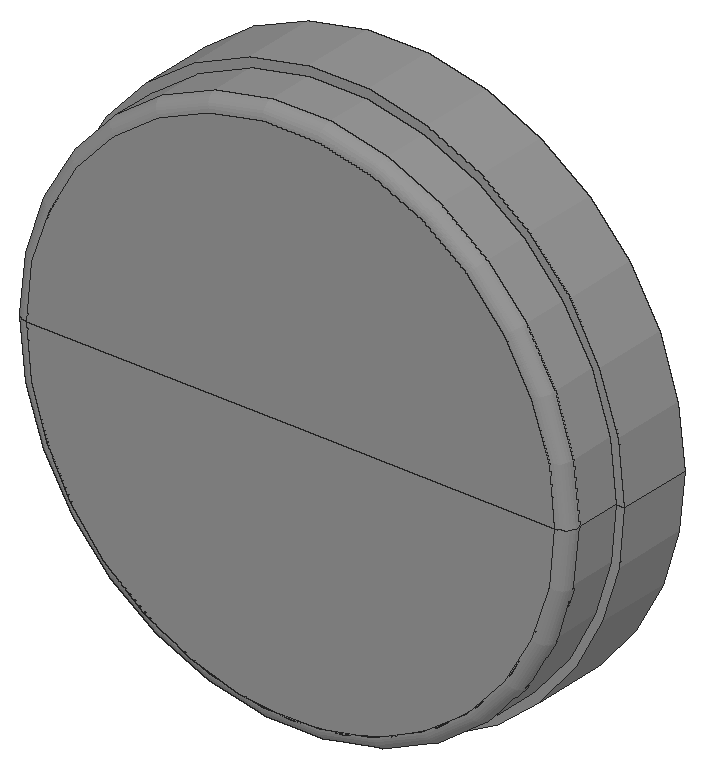
Revit family "IVLB_PML_LF_Dura 270mm WM_Plastic", category Lighting Fixtures, Revit 2019
Family settings
  Round Connector Dimension = Use Diameter
  Part Type = Normal
  OmniClass Number = 23.80.70.11.11
  OmniClass Title = General Luminaries, Non Directional
  Work Plane-Based = No
  Always vertical = Yes
  Cut with Voids When Loaded = No
  Light Source = Yes
  Shared = No
  Room Calculation Point = Yes
Parameters (values of type "Dura-S Ø270 IP64 IK10 9W 3000K-3500K-4000K 3-CCT DALI")
  Wattage Comments = "9W"
  Wattage = 7.06871 W
  built-in parameter 1150110 = 1 (stored number, unit not read)
  Voltage = 230 V
  URL = "https://www.pragmalux.com/"
  Type Comments = ""
  built-in parameter 1114217 = 1 (stored number, unit not read)
  Tilt Angle = 90.00°
  built-in parameter 1150109 = 1 (stored number, unit not read)
  built-in parameter 1150134 = 12
  Symbol_Waterproof [instance] = no
  Symbol_Emergency Lighting [instance] = no
  Switch Code [instance] = ""
  built-in parameter 1150113 = 1 (stored number, unit not read)
  Photometric Web File = "Dura-S Ø270 IP64 IK10 9W 3000K-3500K-4000K 3-CCT DALI.ies"
  built-in parameter 1150142 = "IESNA91\r\n[MANUFAC]  Pragmalux\r\n[LUMINAIRE] LED Plafonnière Wandarmatuur Dura-S Wit Ø270 IP64 IK10 9W 3000K-3500K-4000K 3-CCT DALI\r\n[LAMP] 1x(LED 9W 1050lm 3000K) or 1x(LED 9W 1100lm 3500K) or 1x(LED 9W 1100lm 4000K)\r\n[_CHANGED] file converted from LDT by IES Viewer 3.6 (C) Andrey Legotin\r\nTILT=NONE\r\n1 1050 1.05 181 5 1 2 0 -0.27 0\r\n1 1 9\r\n0 1 2 3 4 5 6 7 8 9 10 11 12 13 14 15 16 17 18 19 20 21 22 23 24 25 26 27 28 \r\n29 30 31 32 33 34 35 36 37 38 39 40 41 42 43 44 45 46 47 48 49 50 51 52 53 54 \r\n55 56 57 58 59 60 61 62 63 64 65 66 67 68 69 70 71 72 73 74 75 76 77 78 79 80 \r\n81 82 83 84 85 86 87 88 89 90 91 92 93 94 95 96 97 98 99 100 101 102 103 104 \r\n105 106 107 108 109 110 111 112 113 114 115 116 117 118 119 120 121 122 123 \r\n124 125 126 127 128 129 130 131 132 133 134 135 136 137 138 139 140 141 142 \r\n143 144 145 146 147 148 149 150 151 152 153 154 155 156 157 158 159 160 161 \r\n162 163 164 165 166 167 168 169 170 171 172 173 174 175 176 177 178 179 180 \r\n0 22.5 45 67.5 90 \r\n295.3 295.4 295.3 295.4 295 294.6 294.2 293.8 293.1 292.5 291.9 290.9 290.1 \r\n289.3 288.2 287 285.8 284.4 283.1 281.6 279.9 278.4 276.5 274.8 272.9 270.8 \r\n268.7 266.6 264.4 261.9 259.5 257.1 254.4 251.8 249 246.2 243.4 240.3 237.3 \r\n234 230.9 227.5 224.2 220.7 217 213.5 209.8 206 202.3 198.3 194.4 190.3 186.3 \r\n182.2 178 173.9 169.7 165.2 160.9 156.3 151.7 147.1 142.5 137.8 133.1 128.3 \r\n123.5 118.6 113.7 108.9 104 99.09 94.31 89.38 84.54 79.78 74.96 70.21 65.64 \r\n60.99 56.65 52.24 47.94 43.84 39.72 35.8 32.33 29.23 26.57 24.14 20.8 17.18 \r\n13.52 9.69 6.07 3.08 1.19 0.46 0.42 0.5 1.38 2.92 5.29 7.96 10.6 13.13 15.25 \r\n16.85 17.87 18.13 18.09 18.13 18.01 17.84 17.63 17.39 17.18 16.97 16.8 16.59 \r\n16.43 16.18 15.96 15.76 15.47 15.26 15.01 14.76 14.47 14.18 13.96 13.72 13.47 \r\n13.18 12.92 12.6 12.3 11.97 11.76 11.47 11.17 10.84 10.51 10.18 9.8 9.51 9.14 \r\n8.8 8.46 8.1 7.59 6.92 6.13 5.47 5.09 4.84 4.71 4.71 4.75 4.71 4.27 3.85 3.42 \r\n3.09 2.84 2.63 2.38 2.09 1.8 1.51 1.3 1.29 1.25 1.25 1.29 1.17 1.09 1.04 1.04 \r\n1.04 1.04 \r\n295.3 295.4 295.3 295.2 295 294.7 294.2 293.7 293.2 292.4 291.8 291 290 289.2 \r\n288 287.1 285.7 284.5 283.1 281.5 280.1 278.4 276.6 274.8 272.9 271 268.9 \r\n266.7 264.4 262.1 259.7 257.2 254.6 251.8 249.1 246.2 243.3 240.4 237.3 234 \r\n230.9 227.6 224.2 220.8 217.2 213.6 210 206.2 202.5 198.5 194.6 190.4 186.3 \r\n182.3 178.1 173.9 169.8 165.5 160.9 156.5 152 147.3 142.7 138 133.3 128.4 \r\n123.6 118.8 114 109.1 104.1 99.29 94.45 89.59 84.83 79.91 75.24 70.49 65.87 \r\n61.37 56.89 52.6 48.27 44.1 39.95 35.98 32.51 29.4 26.59 24.2 21.15 17.65 \r\n13.91 9.8 5.92 2.9 1.05 1.11 1.16 1.22 1.27 1.32 3 5.08 7.32 9.66 11.71 13.19 \r\n13.85 14.01 14.06 14.06 14.06 14.07 14.07 14.07 14.08 14.08 14.08 14.09 14.09 \r\n14.09 14.1 14.1 13.93 13.81 13.68 13.47 13.31 13.09 12.89 12.72 12.55 12.34 \r\n12.1 11.89 11.63 11.35 11.13 10.84 10.59 10.34 10.09 9.8 9.54 9.25 9 8.66 \r\n8.34 7.84 7.16 6.42 5.82 5.49 5.23 5.06 5.1 5.06 5.06 4.7 4.35 4.07 3.81 3.52 \r\n3.27 3.1 2.89 2.68 2.35 2.02 1.88 1.88 1.63 1.22 1.01 1 1 1 1 1 1 \r\n295.3 295.4 295.4 295.2 294.9 294.7 294.3 293.7 293.1 292.5 291.7 291 290 \r\n289.2 288.2 287 285.8 284.6 283.2 281.6 280 278.6 276.7 274.9 272.9 271 269 \r\n266.7 264.5 262.1 259.7 257.3 254.7 251.9 249.3 246.4 243.4 240.5 237.2 234.4 \r\n230.9 227.7 224.4 220.9 217.2 213.8 210 206.2 202.5 198.5 194.7 190.5 186.5 \r\n182.5 178.3 174.2 170 165.6 161.2 156.6 152.1 147.4 142.9 138.1 133.3 128.7 \r\n123.7 119.1 114.1 109.2 104.2 99.53 94.64 89.68 84.85 80 75.35 70.57 65.93 \r\n61.38 56.9 52.6 48.21 44.08 39.87 35.82 32.26 29 26.12 23.53 21.1 17.5 12.56 \r\n7.11 2.92 0.97 0.75 1.99 3.1 3.87 4.59 5.12 5.47 5.89 6.09 6.18 6.18 6.22 \r\n6.35 6.56 6.76 7.06 7.3 7.56 7.73 7.97 8.06 8.19 8.35 8.52 8.59 8.65 8.72 \r\n8.79 8.85 8.94 8.98 8.96 8.93 8.91 8.88 8.86 8.83 8.81 8.78 8.76 8.73 8.61 \r\n8.48 8.36 8.27 8.07 7.9 7.65 7.19 6.69 6.24 6.06 5.89 5.81 5.75 5.69 5.62 \r\n5.56 5.5 5.44 5.1 4.8 4.52 4.18 3.93 3.72 3.51 3.31 3.1 2.93 2.72 2.55 2.46 \r\n2.26 2.01 1.84 1.76 1.46 1.09 0.96 0.96 0.96 0.96 0.96 0.96 \r\n295.3 295.2 295.3 295.3 295 294.6 294.2 293.8 293.1 292.5 291.7 291 290.2 \r\n289.3 288.2 287.1 286 284.5 283.2 281.7 280.1 278.4 276.9 274.8 273 271 269 \r\n266.7 264.5 262.1 259.6 257.2 254.4 252 249.1 246.5 243.4 240.4 237.2 234 \r\n230.9 227.5 224.2 220.8 217.1 213.6 209.8 206.2 202.4 198.5 194.5 190.4 186.4 \r\n182.4 178.1 174 169.7 165.4 160.8 156.5 151.8 147.2 142.6 137.8 133.1 128.2 \r\n123.5 118.7 113.8 108.9 104 99.22 94.3 89.47 84.57 79.7 75 70.21 65.64 60.97 \r\n56.57 52.14 47.89 43.7 39.52 35.49 31.7 28.35 25.42 22.82 20.35 15.44 6.69 \r\n0.88 0.55 2.56 7.37 9.33 9.48 8.91 8.12 7.38 6.75 6.24 5.78 5.41 5.08 4.75 \r\n4.45 4.16 3.95 3.71 3.54 3.45 3.45 3.48 3.52 3.55 3.58 3.62 3.83 3.95 4.07 \r\n4.28 4.45 4.61 4.7 4.78 4.8 4.81 4.83 4.85 4.86 4.88 4.89 4.91 4.93 4.94 5.24 \r\n5.32 5.26 5.19 5.12 5.06 4.99 4.92 4.86 4.79 4.2 3.75 3.66 3.54 3.37 3.36 \r\n3.35 3.34 3.32 3.31 3.3 3.29 3.16 3 2.95 2.83 2.75 2.66 2.5 2.29 2.04 1.88 \r\n1.71 1.5 1.25 1.05 0.96 0.96 0.96 0.96 0.96 0.96 0.96 \r\n295.3 295.3 295.3 295.3 295 294.7 294.3 293.8 293.2 292.4 291.9 291.2 290.2 \r\n289.3 288.1 287.1 285.9 284.5 283.3 281.8 280.2 278.5 276.7 275 273.1 270.9 \r\n269.1 266.7 264.4 262.2 259.7 257.2 254.6 252 249.2 246.4 243.5 240.4 237.3 \r\n234.3 230.9 227.6 224.2 220.7 217.3 213.6 209.8 206.2 202.4 198.4 194.6 190.5 \r\n186.4 182.3 178.2 174.1 169.7 165.3 160.9 156.4 151.8 147.1 142.6 137.9 133 \r\n128.3 123.5 118.6 113.7 108.8 103.8 99.12 94.1 89.24 84.33 79.46 74.78 69.96 \r\n65.23 60.72 56.28 51.92 47.53 43.29 39.16 35.11 31.37 28 25.06 22.51 20.37 \r\n15.14 5.53 0.55 0.46 2.14 9.15 12.35 11.89 11.06 10.21 9.36 8.52 7.75 7.04 \r\n6.4 5.75 5.16 4.55 3.96 3.41 2.91 2.46 2.04 1.59 1.33 1.29 1.21 1.04 0.96 \r\n0.92 0.87 0.83 0.79 0.75 0.79 1.2 1.57 1.79 1.95 1.99 2 2.04 2.08 2.33 2.53 \r\n2.49 2.45 2.41 2.37 2.33 1.88 1.3 1.16 1.16 1.45 1.9 2.48 2.74 2.72 2.7 2.68 \r\n2.66 2.64 2.62 2.54 2.41 2.33 2.21 2.04 1.87 1.79 1.67 1.58 1.5 1.33 1.29 \r\n1.17 1.12 1.12 1.04 1.08 1.04 1 1 0.96 0.96 0.96 0.96 0.96 0.96 \r\n"
  Model = "Dura"
  Manufacturer = "Pragmalux - Distrilight"
  built-in parameter 1150105 = 295.4 (stored number, unit not read)
  Lumens = 1050 lm
  Luminaire_Body_Material = Select RGB value
  built-in parameter 1150115 = 1 (stored number, unit not read)
  Luminaire Code [instance] = ""
  Load Classification = Lighting
  built-in parameter 1150137 = (empty or 0)
  built-in parameter 1150139 = (empty or 0)
  built-in parameter 1150112 = 1 (stored number, unit not read)
  built-in parameter 1150114 = 1 (stored number, unit not read)
  Lamp = "LED"
  built-in parameter 1150132 = 2
  built-in parameter 1150102 = (empty or 0)
  built-in parameter 1150107 = 4000 (stored number, unit not read)
  built-in parameter 1150138 = (empty or 0)
  built-in parameter 1150106 = 2.954 (stored number, unit not read)
  IfcExportType = "USERDEFINED"
  IfcExportAs = "IfcLightFixtureType"
  IP Value = "IP64"
  IK Value = "IK10"
  Emit from Circle Diameter = 260 mm
  Emit Shape Visible in Rendering = no
  built-in parameter 1150104 = 13.8 (stored number, unit not read)
  Dimming Lamp Color Temperature Shift = <None>
  Description = "Surface Mounted"
  Content Creator = "www.ivlibrary.com"
  Color Filter = 16777215
  built-in parameter 1114218 = 1 (stored number, unit not read)
  built-in parameter 1150133 = 10 (stored number, unit not read)
  Assembly Code = "63.0"
  Apparent Load = 9 VA
  Annotation Offset UD [instance] = 0 mm
  Annotation Offset LR [instance] = 0 mm
Reference planes
  plane 1 "Center (Front/Back)": y = 0
  plane 2: z = 0
  plane 3 "Center (Left/Right)": x = 0
Dimensions and locks
  aligned and locked: level to plane 2
Nested families
  nested 1: "Symbol_ToScale" at (0, 0, 0), Emergency Lighting <- "Symbol_Emergency Lighting", Waterproof <- "Symbol_Waterproof", Annotation LR <- "Annotation Offset LR", Annotation UD <- "Annotation Offset UD", type "Symbol 300mm"
    with Waterproof no, Wall mounted no, Lighting Fixture yes, Emergency Lighting no, Annotation UD 0 mm, Annotation Offset Internal RL 100 mm, Annotation Offset Internal 100 mm, Annotation LR 0 mm
  nested 2: "Dura" at (0, 0, 0) x (1, 0, 0) z (0, 1, 0), Housing_Material <- "Luminaire_Body_Material", type "Dura"
    with Housing_Material Select RGB value, Cover yes
Connectors
  electrical at (0, 0, 0), driven by "Apparent Load", driven by "Load Classification", driven by "Voltage"
    settings: index 1, voltage 230 V, apparent load 0 VA, apparent load phase1 9 VA, apparent load phase2 0 VA, apparent load phase3 0 VA, power factor 1, load classification "Lighting", number of poles 1, system type 31, power factor state 1, is connector primary yes, connector utility no, sub classification motor no, connector description ""
Definition of nested family "Dura"
  Parameters (values of type "Dura")
    URL = ""
    Type Comments = ""
    Model = "VenusG2"
    Manufacturer = "Pragmalux"
    Housing_Material [instance] = none
    Description = "Surface Mounted"
    Default Elevation = 1219.2 mm
    Cover [instance] = yes
    Copyright © IVLighting = "www.ivlibrary.com"
    Assembly Code = "63.0"
  Reference planes
    plane 1 "Center (Front/Back)": y = 0
    plane 2: z = 0
    plane 3 "Center (Left/Right)": x = 0
  Forms (mm)
    Revolve 1, solid, material <- "Housing_Material"
      sketch origin (0, 0, 0) x (1, 0, 0) y (0, 0, 1)
        loop
          line (-135, 0) -> (-135, -35) -> (0, -35) -> (0, 0) -> (-135, 0)
        axis (0, 0) -> (0, -35)
      angle from 0 to 360
    Revolve 2, solid
      sketch origin (0, 0, 0.938) x (1, 0, 0) y (0, 0, 1)
        loop
          line (0, -63.938) -> (0, -35.938) -> (-130.841, -35.937) -> (-130.841, -57.552)
          arc (-130.841, -57.552) -> (-128.971, -62.067) -> (-124.455, -63.937) r 6.385
          line (-124.455, -63.937) -> (0, -63.938)
        axis (0, -35.938) -> (0, -63.938)
      angle from 0 to 360
  Dimensions and locks
    aligned and locked: level to plane 2
Definition of nested family "Symbol_ToScale"
  Parameters (values of type "Symbol 300mm")
    Waterproof [instance] = no
    Wall mounted [instance] = no
    Lighting Fixture [instance] = yes
    Emergency Lighting [instance] = no
    Annotation UD [instance] = 0 mm
    Annotation Offset Internal RL [instance] = Annotation LR + 100 mm  # 100 mm
    Annotation Offset Internal [instance] = Annotation UD + 100 mm  # 100 mm
    Annotation LR [instance] = 0 mm
  Reference planes
    plane 1: y = 0
    plane 2: x = 0
  Lines and regions (mm)
    Filled region 1, type "Emergency Lighting", visible <- "Waterproof"
      outline origin (5.15, -1.452, 0) x (1, 0, 0) y (0, 1, 0)
        loop
          arc (-6.466, -1.34) -> (-5.15, -2.39) -> (-3.834, -1.34) r 1.35
          line (-3.834, -1.34) -> (-6.466, -1.34)
    Filled region 2, type "Emergency Lighting", visible <- "Emergency Lighting"
      outline origin (-5.15, -1.452, 0) x (0, 1, 0) y (-1, 0, 0)
        loop
          line (-1.04, -5.15) -> (-1.995, -6.105)
          arc (-1.995, -6.105) -> (-1.04, -6.5) -> (-0.086, -6.105) r 1.35
          line (-0.086, -6.105) -> (-1.04, -5.15)
    Filled region 3, type "Emergency Lighting", visible <- "Emergency Lighting"
      outline origin (5.15, -1.452, 0) x (1, 0, 0) y (0, 1, 0)
        loop
          line (-5.15, -1.04) -> (-6.105, -0.086)
          arc (-6.105, -0.086) -> (-6.5, -1.04) -> (-6.105, -1.995) r 1.35
          line (-6.105, -1.995) -> (-5.15, -1.04)
    Filled region 4, type "Emergency Lighting", visible <- "Waterproof", not visible
      outline origin (5.15, -1.452, 0) x (1, 0, 0) y (0, 1, 0)
        loop
          arc (-6.466, -1.34) -> (-5.15, -2.39) -> (-3.834, -1.34) r 1.35
          line (-3.834, -1.34) -> (-6.466, -1.34)
    Filled region 5, type "Emergency Lighting", visible <- "Emergency Lighting", not visible
      outline origin (-5.15, -1.452, 0) x (0, 1, 0) y (-1, 0, 0)
        loop
          line (-1.04, -5.15) -> (-1.995, -6.105)
          arc (-1.995, -6.105) -> (-1.04, -6.5) -> (-0.086, -6.105) r 1.35
          line (-0.086, -6.105) -> (-1.04, -5.15)
    Filled region 6, type "Emergency Lighting", visible <- "Emergency Lighting", not visible
      outline origin (5.15, -1.452, 0) x (1, 0, 0) y (0, 1, 0)
        loop
          line (-5.15, -1.04) -> (-6.105, -0.086)
          arc (-6.105, -0.086) -> (-6.5, -1.04) -> (-6.105, -1.995) r 1.35
          line (-6.105, -1.995) -> (-5.15, -1.04)
    detail lines, visible <- "Lighting Fixture"
      curve 1: circle (0, -2.492, 0) r 1.35 normal (0, 0, 1)
    detail lines, visible <- "Waterproof"
      curve 2: circle (0, -2.492, 0) r 1.35 normal (0, 0, 1)
    detail lines, visible <- "Emergency Lighting"
      curve 3: circle (0, -2.492, 0) r 1.35 normal (0, 0, 1)
    detail lines
      curve 4: line (0, -1.142, 0) -> (0, 0, 0)
      curve 5: line (-1.081, 0, 0) -> (1.05, 0, 0)
    detail lines, visible <- "Lighting Fixture", not visible
      curve 6: circle (0, -2.492, 0) r 1.35 normal (0, 0, 1)
    detail lines, visible <- "Waterproof", not visible
      curve 7: circle (0, -2.492, 0) r 1.35 normal (0, 0, 1)
    detail lines, visible <- "Emergency Lighting", not visible
      curve 8: circle (0, -2.492, 0) r 1.35 normal (0, 0, 1)
    detail lines, not visible
      curve 9: line (0, -1.142, 0) -> (0, 0, 0)
      curve 10: line (-1.081, 0, 0) -> (1.05, 0, 0)
    reference lines
      curve 11: line (-100, 48.549, 0) -> (-100, -31.1, 0)
      curve 12: line (-51.081, 100, 0) -> (48.919, 100, 0)
  Dimensions and locks
    locked: plane 1 to curve 12 at 100
    "Annotation Offset Internal RL": curve 11 to plane 2
    locked: curve 11 to curve 4 at 100
    "Annotation Offset Internal": curve 5 to curve 12
  Automatic sketch dimensions
    Filled region 2 sketch curve to Filled region 2 sketch curve = 0.955 mm  (x2)
    Filled region 2 sketch curve to Filled region 2 sketch curve = 0 mm  (x2)
    Filled region 3 sketch curve to Filled region 3 sketch curve = 0 mm  (x3)
    Filled region 3 sketch curve to Filled region 3 sketch curve = 0.955 mm
    Filled region 1 sketch curve to Filled region 1 sketch curve = 1.316 mm
    Filled region 1 sketch curve to Filled region 1 sketch curve = 0.3 mm
    Filled region 5 sketch curve to Filled region 5 sketch curve = 0.955 mm  (x2)
    Filled region 5 sketch curve to Filled region 5 sketch curve = 0 mm  (x2)
    Filled region 6 sketch curve to Filled region 6 sketch curve = 0 mm  (x3)
    Filled region 6 sketch curve to Filled region 6 sketch curve = 0.955 mm
    Filled region 4 sketch curve to Filled region 4 sketch curve = 1.316 mm
    Filled region 4 sketch curve to Filled region 4 sketch curve = 0.3 mm
    curve 12 to plane 2 = 51.081 mm
    plane 2 to curve 12 = 48.919 mm
    curve 11 to plane 1 = 48.549 mm
    plane 1 to curve 11 = 31.1 mm
Types (4, lengths in mm): name | Wattage | Type Comments | built-in parameter 1150134 | Photometric Web File | built-in parameter 1150142 | built-in parameter 1150105 | Lumens | built-in parameter 1150107 | built-in parameter 1150106
  Dura-S Ø270 IP64 IK10 4-9W 375-1000lm 2200K-2700K 2-CCT | 6.7321 W | "" | (empty or 0) | "Dura-S Ø270 IP64 IK10 4-9W 375-1000lm 2200K-2700K 2-CCT.ies" | "IESNA91\r\n[MANUFAC]  Pragmalux\r\n[LUMINAIRE] LED Plafonnière Wandarmatuur Dura-S Wit Ø270 IP64 IK10 4-9W 375-1000lm 2200K-2700K 2-CCT\r\n[LAMP] 1x(LED 9W 825lm 2200K) or 1x(LED 9W 1000lm 2700K) or 1x(LED 7W 650lm 2200K) or 1x(LED 7W 775lm 2700K) or 1x(LED 6W 525lm 2200K) or 1x(LED 6W 625lm 2700K) or 1x(LED 4W 375lm 2200K) or 1x(LED 4W 425lm 2700K)\r\n[_CHANGED] file converted from LDT by IES Viewer 3.6 (C) Andrey Legotin\r\nTILT=NONE\r\n1 825 0.825 181 5 1 2 0 -0.27 0\r\n1 1 9\r\n0 1 2 3 4 5 6 7 8 9 10 11 12 13 14 15 16 17 18 19 20 21 22 23 24 25 26 27 28 \r\n29 30 31 32 33 34 35 36 37 38 39 40 41 42 43 44 45 46 47 48 49 50 51 52 53 54 \r\n55 56 57 58 59 60 61 62 63 64 65 66 67 68 69 70 71 72 73 74 75 76 77 78 79 80 \r\n81 82 83 84 85 86 87 88 89 90 91 92 93 94 95 96 97 98 99 100 101 102 103 104 \r\n105 106 107 108 109 110 111 112 113 114 115 116 117 118 119 120 121 122 123 \r\n124 125 126 127 128 129 130 131 132 133 134 135 136 137 138 139 140 141 142 \r\n143 144 145 146 147 148 149 150 151 152 153 154 155 156 157 158 159 160 161 \r\n162 163 164 165 166 167 168 169 170 171 172 173 174 175 176 177 178 179 180 \r\n0 22.5 45 67.5 90 \r\n295.3 295.4 295.3 295.4 295 294.6 294.2 293.8 293.1 292.5 291.9 290.9 290.1 \r\n289.3 288.2 287 285.8 284.4 283.1 281.6 279.9 278.4 276.5 274.8 272.9 270.8 \r\n268.7 266.6 264.4 261.9 259.5 257.1 254.4 251.8 249 246.2 243.4 240.3 237.3 \r\n234 230.9 227.5 224.2 220.7 217 213.5 209.8 206 202.3 198.3 194.4 190.3 186.3 \r\n182.2 178 173.9 169.7 165.2 160.9 156.3 151.7 147.1 142.5 137.8 133.1 128.3 \r\n123.5 118.6 113.7 108.9 104 99.09 94.31 89.38 84.54 79.78 74.96 70.21 65.64 \r\n60.99 56.65 52.24 47.94 43.84 39.72 35.8 32.33 29.23 26.57 24.14 20.8 17.18 \r\n13.52 9.69 6.07 3.08 1.19 0.46 0.42 0.5 1.38 2.92 5.29 7.96 10.6 13.13 15.25 \r\n16.85 17.87 18.13 18.09 18.13 18.01 17.84 17.63 17.39 17.18 16.97 16.8 16.59 \r\n16.43 16.18 15.96 15.76 15.47 15.26 15.01 14.76 14.47 14.18 13.96 13.72 13.47 \r\n13.18 12.92 12.6 12.3 11.97 11.76 11.47 11.17 10.84 10.51 10.18 9.8 9.51 9.14 \r\n8.8 8.46 8.1 7.59 6.92 6.13 5.47 5.09 4.84 4.71 4.71 4.75 4.71 4.27 3.85 3.42 \r\n3.09 2.84 2.63 2.38 2.09 1.8 1.51 1.3 1.29 1.25 1.25 1.29 1.17 1.09 1.04 1.04 \r\n1.04 1.04 \r\n295.3 295.4 295.3 295.2 295 294.7 294.2 293.7 293.2 292.4 291.8 291 290 289.2 \r\n288 287.1 285.7 284.5 283.1 281.5 280.1 278.4 276.6 274.8 272.9 271 268.9 \r\n266.7 264.4 262.1 259.7 257.2 254.6 251.8 249.1 246.2 243.3 240.4 237.3 234 \r\n230.9 227.6 224.2 220.8 217.2 213.6 210 206.2 202.5 198.5 194.6 190.4 186.3 \r\n182.3 178.1 173.9 169.8 165.5 160.9 156.5 152 147.3 142.7 138 133.3 128.4 \r\n123.6 118.8 114 109.1 104.1 99.29 94.45 89.59 84.83 79.91 75.24 70.49 65.87 \r\n61.37 56.89 52.6 48.27 44.1 39.95 35.98 32.51 29.4 26.59 24.2 21.15 17.65 \r\n13.91 9.8 5.92 2.9 1.05 1.11 1.16 1.22 1.27 1.32 3 5.08 7.32 9.66 11.71 13.19 \r\n13.85 14.01 14.06 14.06 14.06 14.07 14.07 14.07 14.08 14.08 14.08 14.09 14.09 \r\n14.09 14.1 14.1 13.93 13.81 13.68 13.47 13.31 13.09 12.89 12.72 12.55 12.34 \r\n12.1 11.89 11.63 11.35 11.13 10.84 10.59 10.34 10.09 9.8 9.54 9.25 9 8.66 \r\n8.34 7.84 7.16 6.42 5.82 5.49 5.23 5.06 5.1 5.06 5.06 4.7 4.35 4.07 3.81 3.52 \r\n3.27 3.1 2.89 2.68 2.35 2.02 1.88 1.88 1.63 1.22 1.01 1 1 1 1 1 1 \r\n295.3 295.4 295.4 295.2 294.9 294.7 294.3 293.7 293.1 292.5 291.7 291 290 \r\n289.2 288.2 287 285.8 284.6 283.2 281.6 280 278.6 276.7 274.9 272.9 271 269 \r\n266.7 264.5 262.1 259.7 257.3 254.7 251.9 249.3 246.4 243.4 240.5 237.2 234.4 \r\n230.9 227.7 224.4 220.9 217.2 213.8 210 206.2 202.5 198.5 194.7 190.5 186.5 \r\n182.5 178.3 174.2 170 165.6 161.2 156.6 152.1 147.4 142.9 138.1 133.3 128.7 \r\n123.7 119.1 114.1 109.2 104.2 99.53 94.64 89.68 84.85 80 75.35 70.57 65.93 \r\n61.38 56.9 52.6 48.21 44.08 39.87 35.82 32.26 29 26.12 23.53 21.1 17.5 12.56 \r\n7.11 2.92 0.97 0.75 1.99 3.1 3.87 4.59 5.12 5.47 5.89 6.09 6.18 6.18 6.22 \r\n6.35 6.56 6.76 7.06 7.3 7.56 7.73 7.97 8.06 8.19 8.35 8.52 8.59 8.65 8.72 \r\n8.79 8.85 8.94 8.98 8.96 8.93 8.91 8.88 8.86 8.83 8.81 8.78 8.76 8.73 8.61 \r\n8.48 8.36 8.27 8.07 7.9 7.65 7.19 6.69 6.24 6.06 5.89 5.81 5.75 5.69 5.62 \r\n5.56 5.5 5.44 5.1 4.8 4.52 4.18 3.93 3.72 3.51 3.31 3.1 2.93 2.72 2.55 2.46 \r\n2.26 2.01 1.84 1.76 1.46 1.09 0.96 0.96 0.96 0.96 0.96 0.96 \r\n295.3 295.2 295.3 295.3 295 294.6 294.2 293.8 293.1 292.5 291.7 291 290.2 \r\n289.3 288.2 287.1 286 284.5 283.2 281.7 280.1 278.4 276.9 274.8 273 271 269 \r\n266.7 264.5 262.1 259.6 257.2 254.4 252 249.1 246.5 243.4 240.4 237.2 234 \r\n230.9 227.5 224.2 220.8 217.1 213.6 209.8 206.2 202.4 198.5 194.5 190.4 186.4 \r\n182.4 178.1 174 169.7 165.4 160.8 156.5 151.8 147.2 142.6 137.8 133.1 128.2 \r\n123.5 118.7 113.8 108.9 104 99.22 94.3 89.47 84.57 79.7 75 70.21 65.64 60.97 \r\n56.57 52.14 47.89 43.7 39.52 35.49 31.7 28.35 25.42 22.82 20.35 15.44 6.69 \r\n0.88 0.55 2.56 7.37 9.33 9.48 8.91 8.12 7.38 6.75 6.24 5.78 5.41 5.08 4.75 \r\n4.45 4.16 3.95 3.71 3.54 3.45 3.45 3.48 3.52 3.55 3.58 3.62 3.83 3.95 4.07 \r\n4.28 4.45 4.61 4.7 4.78 4.8 4.81 4.83 4.85 4.86 4.88 4.89 4.91 4.93 4.94 5.24 \r\n5.32 5.26 5.19 5.12 5.06 4.99 4.92 4.86 4.79 4.2 3.75 3.66 3.54 3.37 3.36 \r\n3.35 3.34 3.32 3.31 3.3 3.29 3.16 3 2.95 2.83 2.75 2.66 2.5 2.29 2.04 1.88 \r\n1.71 1.5 1.25 1.05 0.96 0.96 0.96 0.96 0.96 0.96 0.96 \r\n295.3 295.3 295.3 295.3 295 294.7 294.3 293.8 293.2 292.4 291.9 291.2 290.2 \r\n289.3 288.1 287.1 285.9 284.5 283.3 281.8 280.2 278.5 276.7 275 273.1 270.9 \r\n269.1 266.7 264.4 262.2 259.7 257.2 254.6 252 249.2 246.4 243.5 240.4 237.3 \r\n234.3 230.9 227.6 224.2 220.7 217.3 213.6 209.8 206.2 202.4 198.4 194.6 190.5 \r\n186.4 182.3 178.2 174.1 169.7 165.3 160.9 156.4 151.8 147.1 142.6 137.9 133 \r\n128.3 123.5 118.6 113.7 108.8 103.8 99.12 94.1 89.24 84.33 79.46 74.78 69.96 \r\n65.23 60.72 56.28 51.92 47.53 43.29 39.16 35.11 31.37 28 25.06 22.51 20.37 \r\n15.14 5.53 0.55 0.46 2.14 9.15 12.35 11.89 11.06 10.21 9.36 8.52 7.75 7.04 \r\n6.4 5.75 5.16 4.55 3.96 3.41 2.91 2.46 2.04 1.59 1.33 1.29 1.21 1.04 0.96 \r\n0.92 0.87 0.83 0.79 0.75 0.79 1.2 1.57 1.79 1.95 1.99 2 2.04 2.08 2.33 2.53 \r\n2.49 2.45 2.41 2.37 2.33 1.88 1.3 1.16 1.16 1.45 1.9 2.48 2.74 2.72 2.7 2.68 \r\n2.66 2.64 2.62 2.54 2.41 2.33 2.21 2.04 1.87 1.79 1.67 1.58 1.5 1.33 1.29 \r\n1.17 1.12 1.12 1.04 1.08 1.04 1 1 0.96 0.96 0.96 0.96 0.96 0.96 \r\n" | 358.06 (stored number, unit not read) | 1000 lm | 2700 (stored number, unit not read) | 3.5806 (stored number, unit not read)
